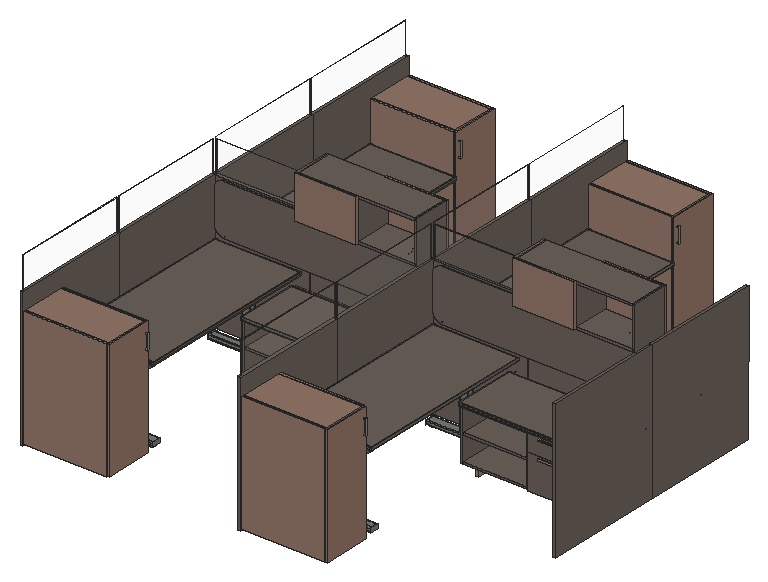
Revit family "T200208", category Furniture, Revit 2018 (continued)
Definition of nested family "STAKS BENCHING PRESS FIT BRACKET"
  Automatic sketch dimensions
    plane 10 to Extrusion 4 sketch curve = 0' - 0.02239"
    plane 7 to Extrusion 4 sketch curve = 0' - 0.35261"
    Extrusion 4 sketch curve to Extrusion 4 sketch curve = 0' - 0.05022"  (x8)
    Extrusion 4 sketch curve to Extrusion 4 sketch curve = 0' - 0.10044"  (x4)
    Extrusion 5 sketch curve to plane 10 = 0' - 0 7/64"
    Extrusion 5 sketch curve to plane 4 "BASE TOP" = 0' - 0 1/4"
    plane 7 to Extrusion 6 sketch curve = 0' - 0 17/64"
    plane 4 "BASE TOP" to Extrusion 6 sketch curve = 0' - 0 1/4"
    Extrusion 7 sketch curve to plane 10 = 0' - 0 1/8"
    Extrusion 7 sketch curve to plane 6 = 0' - 0 1/2"
    Extrusion 7 sketch curve to plane 2 "Center (Front/Back)" = 0' - 0 1/2"
    plane 4 "BASE TOP" to Extrusion 7 sketch curve = 0' - 1"
    Extrusion 8 sketch curve to plane 10 = 0' - 0 1/8"
    plane 4 "BASE TOP" to Extrusion 8 sketch curve = 0' - 1"
    Extrusion 8 sketch curve to plane 2 "Center (Front/Back)" = 0' - 0 1/2"
    Extrusion 8 sketch curve to plane 6 = 0' - 0 1/2"
    radius of Extrusion 2 sketch curve = 0' - 0 3/32"  (x8)
    radius of Extrusion 3 sketch curve = 0' - 0 3/16"  (x2)
    radius of Extrusion 4 sketch curve = 0' - 0 3/16"  (x2)
    radius of Extrusion 5 sketch curve = 0' - 0 3/32"
    radius of Extrusion 6 sketch curve = 0' - 0 3/32"
Definition of nested family "STAKS CENTER ELECTRIC ADJUSTABLE HEIGHT BASE Rectangular"
  Parameters (values of type "STAKS CENTER ELECTRIC ADJUSTABLE HEIGHT BASE 24in Rectangular")
    Width = 0' - 3"
    URL = "http://www.ofs.com/"
    Leg Caps Material = none
    Depth = 1' - 8"
    Model = "HA24CRE"
    Manufacturer = "OFS"
    Height [instance] = 2' - 3 7/8"
    Description = "OFS STAKS CENTER ELECTRIC ADJUSTABLE HEIGHT BASE 24in Rectangular, Use with 20\" - 24\"D Rectangular Top"
    Copyright © = "© 2018 OFS"
    Column and Legs Material = none
    Catalog = "https://ofs.com/products/casegoods/private-office/staks"
    Authoring Version = "Autodesk Revit Architecture 2013"
    Assembly Code = "E2020200"
  Types (2): name | Depth | Model | Description
    STAKS CENTER ELECTRIC ADJUSTABLE HEIGHT BASE 24in Rectangular | 1' - 8" | "HA24CRE" | "OFS STAKS CENTER ELECTRIC ADJUSTABLE HEIGHT BASE 24in Rectangular, Use with 20\" - 24\"D Rectangular Top"
    STAKS CENTER ELECTRIC ADJUSTABLE HEIGHT BASE 30in Rectangular | 2' - 2" | "HA30CRE" | "OFS STAKS CENTER ELECTRIC ADJUSTABLE HEIGHT BASE 30in Rectangular, Use with 24.125\" - 30\"D Rectangular Top"
  Reference planes (in)
    plane 1: z = 0
    plane 2 "Center (Front/Back)": y = -2.62465
    plane 3 "Center (Left/Right)": x = -18
    plane 4 "H LEG TOP": z = 27.875
    plane 5: x = -15
    plane 6: x = -13.5
    plane 7: y = -12.62465
    plane 8: y = 7.37535
    plane 9 "CENTER": x = -16.5
    plane 10: z = 1.955
    plane 11: z = 0.455
    plane 12: x = -17.5
    plane 13: x = -15.5
    plane 14: y = 6.12535
    plane 15: y = -11.37465
    plane 16: y = -1.12465
    plane 17: y = -4.12465
    plane 18: z = 25.34078
    plane 19: z = 25.875
    plane 20: z = 26.875
    plane 21: y = -4.49965
    plane 22: y = -0.74965
    plane 23: y = -5.99965
    plane 24: y = 0.75035
    plane 25: x = -17.63484
    plane 26: x = -19.13484
    plane 27: y = -12.49965
    plane 28: y = 7.25035
  Forms (in)
    Extrusion 1, solid
      sketch origin (8.306, -1.24965, 17.75) x (0, 0, 1) y (-1, 0, 0)
        loop
          line (-15.795, 26.306) -> (-17.295, 26.306) -> (-17.295, 23.306) -> (-15.795, 23.306) -> (-15.795, 26.306)
      from -8.625 to -8.5
    Revolve 2, solid, material <- "Leg Caps Material"
      sketch origin (-10.53974, 6.12535, 0) x (-1, 0, 0) y (0, 0, 1)
        loop
          line (5.96026, 0.455) -> (5.96026, 0) -> (6.64775, 0) -> (6.64775, 0.19198) -> (6.24151, 0.36125) -> (6.24151, 0.455) -> (5.96026, 0.455)
        axis (5.96026, 0) -> (5.96026, 0.455)
      angle from 0 to 360
    Revolve 3, solid, material <- "Leg Caps Material"
      sketch origin (-10.53974, -11.37465, 0) x (-1, 0, 0) y (0, 0, -1)
        loop
          line (5.96026, -0.455) -> (6.24151, -0.455) -> (6.24151, -0.36125) -> (6.64775, -0.19198) -> (6.64775, 0) -> (5.96026, 0) -> (5.96026, -0.455)
        axis (5.96026, 0) -> (5.96026, -0.455)
      angle from 0 to 360
    Extrusion 4, solid, material <- "Column and Legs Material"
      sketch origin (0, 0, 27.875) x (0, -1, 0) y (1, 0, 0)
        loop
          arc (1.12465, -17.25) -> (1.19787, -17.42678) -> (1.37465, -17.5) r 0.25
          line (1.37465, -17.5) -> (3.87465, -17.5)
          arc (3.87465, -17.5) -> (4.05143, -17.42678) -> (4.12465, -17.25) r 0.25
          line (4.12465, -17.25) -> (4.12465, -15.75)
          arc (4.12465, -15.75) -> (4.05143, -15.57322) -> (3.87465, -15.5) r 0.25
          line (3.87465, -15.5) -> (1.37465, -15.5)
          arc (1.37465, -15.5) -> (1.19787, -15.57322) -> (1.12465, -15.75) r 0.25
          line (1.12465, -15.75) -> (1.12465, -17.25)
      from -25.92 to -2.53422
    Extrusion 5, solid, material <- "Column and Legs Material"
      sketch origin (19.74279, 0.10259, 27.875) x (0, -1, 0) y (1, 0, 0)
        loop
          line (0.85224, -30.69457) -> (0.85224, -37.12762)
          arc (0.85224, -37.12762) -> (0.92547, -37.3044) -> (1.10224, -37.37762) r 0.25
          line (1.10224, -37.37762) -> (4.35224, -37.37762)
          arc (4.35224, -37.37762) -> (4.52902, -37.3044) -> (4.60224, -37.12762) r 0.25
          line (4.60224, -37.12762) -> (4.60224, -30.69457)
          arc (4.60224, -30.69457) -> (4.52902, -30.5178) -> (4.35224, -30.44457) r 0.25
          line (4.35224, -30.44457) -> (1.10224, -30.44457)
          arc (1.10224, -30.44457) -> (0.92547, -30.5178) -> (0.85224, -30.69457) r 0.25
      from -1 to 0
    Blend 6, solid, material <- "Column and Legs Material"
      base sketch origin (0, 0, 27.875) x (0, -1, 0) y (1, 0, 0)
        loop
          line (4.24965, -10.70179) -> (0.99965, -10.70179)
          arc (0.99965, -10.70179) -> (0.82287, -10.77501) -> (0.74965, -10.95179) r 0.25
          line (0.74965, -10.95179) -> (0.74965, -17.38484)
          arc (0.74965, -17.38484) -> (0.82287, -17.56161) -> (0.99965, -17.63484) r 0.25
          line (0.99965, -17.63484) -> (4.24965, -17.63484)
          arc (4.24965, -17.63484) -> (4.42643, -17.56161) -> (4.49965, -17.38484) r 0.25
          line (4.49965, -17.38484) -> (4.49965, -10.95179)
          arc (4.49965, -10.95179) -> (4.42643, -10.77501) -> (4.24965, -10.70179) r 0.25
      top sketch origin (0, 0, 27.875) x (0, -1, 0) y (1, 0, 0)
        loop
          arc (4.12465, -11.45179) -> (4.05143, -11.27501) -> (3.87465, -11.20179) r 0.25
          line (3.87465, -11.20179) -> (1.37465, -11.20179)
          arc (1.37465, -11.20179) -> (1.19787, -11.27501) -> (1.12465, -11.45179) r 0.25
          line (1.12465, -11.45179) -> (1.12465, -17.25)
          arc (1.12465, -17.25) -> (1.19787, -17.42678) -> (1.37465, -17.5) r 0.25
          line (1.37465, -17.5) -> (3.87465, -17.5)
          arc (3.87465, -17.5) -> (4.05143, -17.42678) -> (4.12465, -17.25) r 0.25
          line (4.12465, -17.25) -> (4.12465, -11.45179)
      from -1 to -2
    Extrusion 7, solid, material <- "Column and Legs Material"
      sketch origin (0, 0, 27.875) x (0, -1, 0) y (1, 0, 0)
        loop
          line (3.87465, -15.625) -> (1.37465, -15.625)
          arc (1.37465, -15.625) -> (1.28626, -15.66161) -> (1.24965, -15.75) r 0.125
          line (1.24965, -15.75) -> (1.24965, -17.25)
          arc (1.24965, -17.25) -> (1.28626, -17.33839) -> (1.37465, -17.375) r 0.125
          line (1.37465, -17.375) -> (3.87465, -17.375)
          arc (3.87465, -17.375) -> (3.96304, -17.33839) -> (3.99965, -17.25) r 0.125
          line (3.99965, -17.25) -> (3.99965, -15.75)
          arc (3.99965, -15.75) -> (3.96304, -15.66161) -> (3.87465, -15.625) r 0.125
      from -2.53422 to -2
    Extrusion 8, solid, material <- "Column and Legs Material"
      sketch origin (0, -2.62465, 0) x (1, 0, 0) y (0, 0, 1)
        loop
          line (-17.63484, 27.875) -> (-19.13484, 27.875) -> (-19.13484, 27.75) -> (-17.75984, 27.75) -> (-17.75984, 26.375) -> (-17.63484, 26.375) -> (-17.63484, 27.875)
      from -1.5 to 1.5
    Extrusion 9, solid, material <- "Column and Legs Material"
      sketch origin (-15.75984, 13.13518, 0) x (0, 1, 0) y (0, 0, -1)
        loop
          line (-17.63484, -27.875) -> (-17.63484, -26.375) -> (-17.75984, -26.375) -> (-17.75984, -27.75) -> (-19.13484, -27.75) -> (-19.13484, -27.875) -> (-17.63484, -27.875)
      from -4.55805 to 1.74016
    Extrusion 10, solid, material <- "Column and Legs Material"
      sketch origin (-15.75984, -18.38449, 0) x (0, -1, 0) y (0, 0, 1)
        loop
          line (-17.63484, 27.875) -> (-19.13484, 27.875) -> (-19.13484, 27.75) -> (-17.75984, 27.75) -> (-17.75984, 26.375) -> (-17.63484, 26.375) -> (-17.63484, 27.875)
      from -4.55805 to 1.74016
    Extrusion 11, solid
      sketch origin (8.306, -1.24965, 17.75) x (0, 0, 1) y (-1, 0, 0)
        loop
          line (-15.795, 26.306) -> (-17.295, 26.306) -> (-17.295, 23.306) -> (-15.795, 23.306) -> (-15.795, 26.306)
      from 11.25 to 11.375
    Extrusion 12, solid
      sketch origin (8.306, -1.24965, 17.75) x (0, 0, 1) y (-1, 0, 0)
        loop
          line (-16.045, 26.306) -> (-17.045, 26.306)
          arc (-17.045, 26.306) -> (-17.22178, 26.23278) -> (-17.295, 26.056) r 0.25
          line (-17.295, 26.056) -> (-17.295, 23.556)
          arc (-17.295, 23.556) -> (-17.22178, 23.37922) -> (-17.045, 23.306) r 0.25
          line (-17.045, 23.306) -> (-16.045, 23.306)
          arc (-16.045, 23.306) -> (-15.86822, 23.37922) -> (-15.795, 23.556) r 0.25
          line (-15.795, 23.556) -> (-15.795, 26.056)
          arc (-15.795, 26.056) -> (-15.86822, 26.23278) -> (-16.045, 26.306) r 0.25
      from -8.5 to 11.25
  Dimensions and locks (in)
    equal spacing: plane 7, plane 2 "Center (Front/Back)", plane 8
    "Depth": plane 7 to plane 8
    "Height": plane 4 "H LEG TOP" to plane 1
    equal spacing: plane 3 "Center (Left/Right)", plane 9 "CENTER", plane 5
    "Width": plane 3 "Center (Left/Right)" to plane 5
    plane 10 to plane 11 to plane 1 = 0' - 1 1/2" locked, 0' - 0.455" locked
    locked: plane 13 to plane 5 at 0.5
    locked: plane 3 "Center (Left/Right)" to plane 12 at 0.5
    locked: plane 14 to plane 8 at 1.25
    locked: plane 15 to plane 7 at 1.25
    plane 23 to plane 21 to plane 17 to plane 2 "Center (Front/Back)" to plane 16 to plane 22 to plane 24 = 0' - 1 1/2" locked, 0' - 0 3/8" locked, 0' - 1 1/2" locked, 0' - 1 1/2" locked, 0' - 0 3/8" locked, 0' - 1 1/2" locked
    locked: plane 18 to plane 10 at 23.38578
    locked: plane 4 "H LEG TOP" to plane 20 at 1
    locked: plane 20 to plane 19 at 1
    plane 26 to plane 25 to plane 12 = 0' - 1 1/2" locked, 0' - 0.13484" locked
    locked: plane 7 to plane 27 at 0.125
    locked: plane 8 to plane 28 at 0.125
    aligned and locked: level to plane 1
    aligned and locked: plane 5 to Extrusion 1
    aligned and locked: Extrusion 1 to plane 3 "Center (Left/Right)"
    aligned and locked: Extrusion 1 to plane 11
    aligned and locked: plane 10 to Extrusion 1
    aligned and locked: Extrusion 4 sketch curve to plane 16
    aligned and locked: Extrusion 4 sketch curve to plane 12
    aligned and locked: Extrusion 4 sketch curve to plane 17
    aligned and locked: plane 13 to Extrusion 4 sketch curve
    aligned and locked: Extrusion 4 to plane 10
    aligned and locked: plane 18 to Extrusion 4
    aligned and locked: plane 14 to Revolve 2
    aligned and locked: plane 15 to Revolve 3
    aligned and locked: Extrusion 5 to plane 22
    aligned and locked: Extrusion 5 to plane 21
    aligned and locked: Extrusion 5 to plane 20
    aligned and locked: Extrusion 5 to plane 4 "H LEG TOP"
    aligned and locked: plane 17 to Blend 6 sketch curve
    aligned and locked: plane 16 to Blend 6 sketch curve
    aligned and locked: plane 20 to Blend 6
    aligned and locked: Blend 6 to plane 19
    aligned and locked: Extrusion 7 to plane 18
    aligned and locked: plane 19 to Extrusion 7
    aligned and locked: Extrusion 8 sketch curve to plane 4 "H LEG TOP"
    aligned and locked: Extrusion 8 sketch curve to plane 25
    aligned and locked: Extrusion 8 sketch curve to plane 26
    aligned and locked: Extrusion 8 sketch curve to Extrusion 8 sketch curve
    aligned and locked: Extrusion 8 to plane 16
    aligned and locked: Extrusion 8 to plane 17
    aligned and locked: Extrusion 9 sketch curve to Extrusion 9 sketch curve
    aligned and locked: Extrusion 9 to plane 12
    aligned and locked: Extrusion 10 sketch curve to Extrusion 10 sketch curve
    aligned and locked: plane 10 to Extrusion 12
    aligned and locked: plane 10 to Extrusion 11
    aligned and locked: plane 5 to Extrusion 12
    aligned and locked: plane 5 to Extrusion 11
    aligned and locked: Extrusion 12 to plane 11
    aligned and locked: Extrusion 11 to plane 11
    aligned and locked: Extrusion 12 to plane 3 "Center (Left/Right)"
    aligned and locked: Extrusion 11 to plane 3 "Center (Left/Right)"
    aligned and locked: plane 7 to Extrusion 11
    aligned and locked: Extrusion 11 to plane 27
    aligned and locked: plane 27 to Extrusion 12
    aligned and locked: Extrusion 1 to plane 28
    aligned and locked: Extrusion 1 to plane 8
    aligned and locked: plane 28 to Extrusion 12
  Automatic sketch dimensions
    Extrusion 1 sketch curve to plane 3 "Center (Left/Right)" = 0' - 0"
    Extrusion 1 sketch curve to plane 11 = 0' - 0"
    Extrusion 1 sketch curve to plane 5 = 0' - 0"
    Extrusion 1 sketch curve to plane 10 = 0' - 0"
    Revolve 2 sketch curve to level = 0' - 0"
    Revolve 2 sketch curve to plane 9 "CENTER" = 0' - 0"  (x2)
    Revolve 2 sketch curve to plane 11 = 0' - 0"
    level to Revolve 2 sketch curve = 0' - 0.19198"
    Revolve 2 sketch curve to Revolve 2 sketch curve = 0' - 0 9/32"
    plane 12 to Revolve 2 sketch curve = 0' - 0 5/16"
    Revolve 2 sketch curve to Revolve 2 sketch curve = 0' - 0 3/32"
    Revolve 2 sketch curve to Revolve 2 sketch curve = 0' - 0.19198"
    Revolve 2 sketch curve to Revolve 2 sketch curve = 0' - 0.09555"
    Revolve 3 sketch curve to level = 0' - 0"
    Revolve 3 sketch curve to plane 9 "CENTER" = 0' - 0"  (x2)
    Revolve 3 sketch curve to plane 11 = 0' - 0"
    Revolve 3 sketch curve to plane 11 = 0' - 0 3/32"
    Revolve 3 sketch curve to Revolve 3 sketch curve = 0' - 0 9/32"
    plane 12 to Revolve 3 sketch curve = 0' - 0 5/16"
    Revolve 3 sketch curve to Revolve 3 sketch curve = 0' - 0.19198"
    Revolve 3 sketch curve to plane 11 = 0' - 0.16748"
    Revolve 3 sketch curve to Revolve 3 sketch curve = 0' - 0.09555"
    plane 16 to Extrusion 4 sketch curve = 0' - 0 1/4"  (x2)
    plane 12 to Extrusion 4 sketch curve = 0' - 0 1/4"
    plane 17 to Extrusion 4 sketch curve = 0' - 0 1/4"
    plane 22 to Extrusion 5 sketch curve = 0' - 0"
    Extrusion 5 sketch curve to plane 25 = 0' - 0"
    Extrusion 5 sketch curve to plane 21 = 0' - 0"
    plane 12 to Extrusion 5 sketch curve = 0' - 0.11516"
    Extrusion 5 sketch curve to plane 16 = 0' - 0 1/8"  (x2)
    Extrusion 5 sketch curve to plane 17 = 0' - 0 1/8"
    plane 6 to Extrusion 5 sketch curve = 0' - 2.54821"
    plane 22 to Blend 6 sketch curve = 0' - 0"
    Blend 6 sketch curve to plane 25 = 0' - 0"
    Blend 6 sketch curve to plane 21 = 0' - 0"
    plane 12 to Blend 6 sketch curve = 0' - 0.11516"
    Blend 6 sketch curve to plane 16 = 0' - 0 1/8"  (x2)
    Blend 6 sketch curve to plane 17 = 0' - 0 1/8"
    plane 6 to Blend 6 sketch curve = 0' - 2.54821"
    Blend 6 sketch curve to plane 12 = 0' - 0"
    plane 16 to Blend 6 sketch curve = 0' - 0 1/4"  (x2)
    plane 12 to Blend 6 sketch curve = 0' - 0 1/4"
    plane 17 to Blend 6 sketch curve = 0' - 0 1/4"
    plane 6 to Blend 6 sketch curve = 0' - 2.04821"
    plane 16 to Extrusion 7 sketch curve = 0' - 0 1/8"
    plane 12 to Extrusion 7 sketch curve = 0' - 0 1/8"
    Extrusion 7 sketch curve to Extrusion 7 sketch curve = 0' - 0 1/8"  (x2)
    Extrusion 7 sketch curve to plane 13 = 0' - 0 1/8"
    plane 17 to Extrusion 7 sketch curve = 0' - 0 1/4"  (x2)
    plane 17 to Extrusion 7 sketch curve = 0' - 0 1/8"
    Extrusion 8 sketch curve to plane 25 = 0' - 0 1/8"
    plane 19 to Extrusion 8 sketch curve = 0' - 0 1/2"
    plane 4 "H LEG TOP" to Extrusion 8 sketch curve = 0' - 0 1/8"
    plane 4 "H LEG TOP" to Extrusion 9 sketch curve = 0' - 0"
    Extrusion 9 sketch curve to plane 23 = 0' - 0"
    Extrusion 9 sketch curve to plane 21 = 0' - 0"
    plane 4 "H LEG TOP" to Extrusion 9 sketch curve = 0' - 0 1/8"
    Extrusion 9 sketch curve to plane 21 = 0' - 0 1/8"
    plane 19 to Extrusion 9 sketch curve = 0' - 0 1/2"
    plane 4 "H LEG TOP" to Extrusion 10 sketch curve = 0' - 0"
    Extrusion 10 sketch curve to plane 24 = 0' - 0"
    Extrusion 10 sketch curve to plane 22 = 0' - 0"
    plane 19 to Extrusion 10 sketch curve = 0' - 0 1/2"
    Extrusion 10 sketch curve to plane 22 = 0' - 0 1/8"
    plane 4 "H LEG TOP" to Extrusion 10 sketch curve = 0' - 0 1/8"
    Extrusion 11 sketch curve to plane 3 "Center (Left/Right)" = 0' - 0"
    Extrusion 11 sketch curve to plane 11 = 0' - 0"
    Extrusion 11 sketch curve to plane 5 = 0' - 0"
    Extrusion 11 sketch curve to plane 10 = 0' - 0"
    Extrusion 12 sketch curve to plane 11 = 0' - 0"
    Extrusion 12 sketch curve to plane 3 "Center (Left/Right)" = 0' - 0"
    Extrusion 12 sketch curve to plane 5 = 0' - 0"
    Extrusion 12 sketch curve to plane 10 = 0' - 0"
    Extrusion 12 sketch curve to plane 5 = 0' - 0 1/4"
    plane 11 to Extrusion 12 sketch curve = 0' - 0 1/4"
    Extrusion 12 sketch curve to plane 10 = 0' - 0 1/4"  (x2)
Definition of nested family "STAKS CORNER SHELF FOR WALL PANEL"
  Parameters (values of type "STAKS CORNER SHELF FOR WALL PANEL")
    Width = 1' - 9"
    Veneer Material = none
    URL = "http://www.ofs.com/"
    Height Above Floor [instance] = 2' - 5"
    Height = 0' - 0 3/4"
    Edge Material = none
    Model = "6-2108SHLF"
    Manufacturer = "OFS"
    Description = "OFS STAKS CORNER SHELF FOR WALL PANEL"
    Depth = 0' - 8"
    Copyright © = "© 2018 OFS"
    Catalog = "https://ofs.com/products/casegoods/private-office/staks"
    Authoring Version = "Autodesk Revit Architecture 2013"
    Assembly Code = "E2020200"
    3D Laminate Material = none
  Reference planes (in)
    plane 1 "Center (Front/Back)": y = 0
    plane 2: z = 0
    plane 3 "Center (Left/Right)": x = 0
    plane 4: x = 10.5
    plane 5: x = -10.5
    plane 6: y = 4
    plane 7: y = -4
    plane 8: z = 28.25
    plane 9: z = 29
  Forms (in)
    Extrusion 1, solid, material <- "3D Laminate Material"
      sketch origin (3.56329, 81.33771, 7) x (-1, 0, 0) y (0, -1, 0)
        loop
          line (14.06329, 85.33771) -> (-6.93671, 85.33771) -> (1.06329, 77.33771) -> (6.06329, 77.33771) -> (14.06329, 85.33771)
      from 22 to 21.25
  Dimensions and locks (in)
    equal spacing: plane 5, plane 3 "Center (Left/Right)", plane 4
    "Width": plane 5 to plane 4
    "Depth": plane 6 to plane 7
    equal spacing: plane 7, plane 1 "Center (Front/Back)", plane 6
    "Height": plane 9 to plane 8
    "Height Above Floor": plane 9 to level
    aligned and locked: level to plane 2
    aligned and locked: plane 9 to Extrusion 1
    aligned and locked: Extrusion 1 to plane 8
    aligned and locked: plane 4 to Extrusion 1 sketch curve
    aligned and locked: Extrusion 1 sketch curve to plane 6
  Automatic sketch dimensions
    plane 7 to Extrusion 1 sketch curve = 0' - 0"
    plane 3 "Center (Left/Right)" to Extrusion 1 sketch curve = 0' - 2 1/2"
    Extrusion 1 sketch curve to plane 3 "Center (Left/Right)" = 0' - 2 1/2"
    Extrusion 1 sketch curve to plane 5 = 0' - 0"
Definition of nested family "STAKS FABRIC TACKBOARD WITH ROUNDED CORNERS FOR SPINE OR DIVIDER WALL"
  Parameters (values of type "STAKS FABRIC TACKBOARD WITH ROUNDED CORNERS FOR SPINE OR DIVIDER WALL 12H x 27-48.9375W")
    URL = "http://www.ofs.com/"
    Height Above Floor [instance] = 3' - 5 1/2"
    Height = 1' - 0"
    Depth = 0' - 0 1/2"
    Model = "FTR10D"
    Manufacturer = "OFS"
    Description = "OFS STAKS FABRIC TACKBOARD WITH ROUNDED CORNERS FOR SPINE OR DIVIDER WALL 12\" Height X 27\" - 48.9375\" Width, Any Width in 1/8\" Increments available within Ranges Shown"
    Width = 2' - 3"
    Copyright © = "© 2018 OFS"
    Catalog = "https://ofs.com/products/casegoods/private-office/staks"
    Authoring Version = "Autodesk Revit Architecture 2013"
    Assembly Code = "E2020200"
  Types (6): name | Height Above Floor | Height | Model | Description | Width
    STAKS FABRIC TACKBOARD WITH ROUNDED CORNERS FOR SPINE OR DIVIDER WALL 12H x 27-48.9375W | 3' - 5 1/2" | 1' - 0" | "FTR10D" | "OFS STAKS FABRIC TACKBOARD WITH ROUNDED CORNERS FOR SPINE OR DIVIDER WALL 12\" Height X 27\" - 48.9375\" Width, Any Width in 1/8\" Increments available within Ranges Shown" | 2' - 3"
    STAKS FABRIC TACKBOARD WITH ROUNDED CORNERS FOR SPINE OR DIVIDER WALL 12H x 74-96W | 3' - 5 1/2" | 1' - 0" | "FTR10F" | "OFS STAKS FABRIC TACKBOARD WITH ROUNDED CORNERS FOR SPINE OR DIVIDER WALL 12\" Height X 74\" - 96\" Width, Any Width in 1/8\" Increments available within Ranges Shown" | 6' - 2"
    STAKS FABRIC TACKBOARD WITH ROUNDED CORNERS FOR SPINE OR DIVIDER WALL 12H x 49-73.9375W | 3' - 5 1/2" | 1' - 0" | "FTR10E" | "OFS STAKS FABRIC TACKBOARD WITH ROUNDED CORNERS FOR SPINE OR DIVIDER WALL 12\" Height X 49\" - 73.9375\" Width, Any Width in 1/8\" Increments available within Ranges Shown" | 4' - 1"
    STAKS FABRIC TACKBOARD WITH ROUNDED CORNERS FOR SPINE OR DIVIDER WALL 18H x 27-48.9375W | 3' - 11 1/2" | 1' - 6" | "FTR10A" | "OFS STAKS FABRIC TACKBOARD WITH ROUNDED CORNERS FOR SPINE OR DIVIDER WALL 18\" Height X 27\" - 48.9375\" Width, Any Width in 1/8\" Increments available within Ranges Shown" | 2' - 3"
    STAKS FABRIC TACKBOARD WITH ROUNDED CORNERS FOR SPINE OR DIVIDER WALL 18H x 49-73.9375W | 3' - 11 1/2" | 1' - 6" | "FTR10B" | "OFS STAKS FABRIC TACKBOARD WITH ROUNDED CORNERS FOR SPINE OR DIVIDER WALL 18\" Height X 49\" - 73.9375\" Width, Any Width in 1/8\" Increments available within Ranges Shown" | 4' - 1"
    STAKS FABRIC TACKBOARD WITH ROUNDED CORNERS FOR SPINE OR DIVIDER WALL 18H x 74-96W | 3' - 11 1/2" | 1' - 6" | "FTR10C" | "OFS STAKS FABRIC TACKBOARD WITH ROUNDED CORNERS FOR SPINE OR DIVIDER WALL 18\" Height X 74\" - 96\" Width, Any Width in 1/8\" Increments available within Ranges Shown" | 6' - 2"
  Reference planes (in)
    plane 1: z = -0.125
    plane 2 "LEFT": x = 7.55498
    plane 3 "RIGHT": x = 34.55498
    plane 4 "BACK": y = -1.83365
    plane 5 "FRONT": y = -2.33365
    plane 6: x = 7.67998
    plane 7: x = 34.42998
    plane 8: y = -1.95865
    plane 9: y = -2.20865
    plane 10: z = 29.375
    plane 11 "SURFACE TOP": z = 41.375
  Forms (in)
    Extrusion 1, solid
      sketch origin (0, 0.50035, 0) x (1, 0, 0) y (0, 0, 1)
        loop
          arc (30.55498, 29.375) -> (33.38341, 30.54657) -> (34.55498, 33.375) r 4
          line (34.55498, 33.375) -> (34.55498, 37.375)
          arc (34.55498, 37.375) -> (33.38341, 40.20343) -> (30.55498, 41.375) r 4
          line (30.55498, 41.375) -> (11.55498, 41.375)
          arc (11.55498, 41.375) -> (8.72655, 40.20343) -> (7.55498, 37.375) r 4
          line (7.55498, 37.375) -> (7.55498, 33.375)
          arc (7.55498, 33.375) -> (8.72655, 30.54657) -> (11.55498, 29.375) r 4
          line (11.55498, 29.375) -> (30.55498, 29.375)
      from 2.834 to 2.334
  Dimensions and locks (in)
    "Depth": plane 4 "BACK" to plane 5 "FRONT"
    "Width": plane 2 "LEFT" to plane 3 "RIGHT"
    "Height": plane 11 "SURFACE TOP" to plane 10
    locked: plane 4 "BACK" to plane 8 at 0.125
    locked: plane 2 "LEFT" to plane 6 at 0.125
    locked: plane 7 to plane 3 "RIGHT" at 0.125
    locked: plane 9 to plane 5 "FRONT" at 0.125
    "Height Above Floor": plane 11 "SURFACE TOP" to level
    aligned: level to plane 1
    aligned and locked: plane 10 to Extrusion 1 sketch curve
    aligned and locked: Extrusion 1 sketch curve to plane 3 "RIGHT"
    aligned and locked: Extrusion 1 sketch curve to plane 11 "SURFACE TOP"
    aligned and locked: plane 2 "LEFT" to Extrusion 1 sketch curve
    aligned and locked: Extrusion 1 to plane 5 "FRONT"
    aligned and locked: plane 4 "BACK" to Extrusion 1
  Automatic sketch dimensions
    plane 10 to Extrusion 1 sketch curve = 0' - 4"
    plane 6 to Extrusion 1 sketch curve = 0' - 3 7/8"  (x2)
    Extrusion 1 sketch curve to plane 7 = 0' - 3 7/8"
Definition of nested family "STAKS FROSTED ACRYLIC PRIVACY PANEL"
  Parameters (values of type "STAKS FROSTED ACRYLIC PRIVACY PANEL 23 x 10")
    Width = 1' - 11"
    URL = "http://www.ofs.com/"
    Model = "6-PVPA-23/10"
    Manufacturer = "OFS"
    Height From Floor = 4' - 8"
    Height = 0' - 10"
    Description = "OFS STAKS FROSTED ACRYLIC PRIVACY PANEL 23 x 10, Recessed 1.5\" Inside Wall Panel"
    Depth = 0' - 0 1/4"
    Copyright © = "© 2018 OFS"
    Catalog = "https://ofs.com/products/casegoods/private-office/staks"
    Shelf Material = none
    Authoring Version = "Autodesk Revit Architecture 2013"
    Assembly Code = "E2020200"
  Types (38): name | Width | Model | Height From Floor | Height | Description
    STAKS FROSTED ACRYLIC PRIVACY PANEL 23 x 10 | 1' - 11" | "6-PVPA-23/10" | 4' - 8" | 0' - 10" | "OFS STAKS FROSTED ACRYLIC PRIVACY PANEL 23 x 10, Recessed 1.5\" Inside Wall Panel"
    STAKS FROSTED ACRYLIC PRIVACY PANEL 25 x 10 | 2' - 1" | "6-PVPA-25/10" | 4' - 8" | 0' - 10" | "OFS STAKS FROSTED ACRYLIC PRIVACY PANEL 25 x 10, Recessed 1.5\" Inside Wall Panel"
    STAKS FROSTED ACRYLIC PRIVACY PANEL 29 x 10 | 2' - 5" | "6-PVPA-29/10" | 4' - 8" | 0' - 10" | "OFS STAKS FROSTED ACRYLIC PRIVACY PANEL 29 x 10, Recessed 1.5\" Inside Wall Panel"
    STAKS FROSTED ACRYLIC PRIVACY PANEL 32 x 10 | 2' - 8" | "6-PVPA-32/10" | 4' - 8" | 0' - 10" | "OFS STAKS FROSTED ACRYLIC PRIVACY PANEL 32 x 10, Recessed 1.5\" Inside Wall Panel"
    STAKS FROSTED ACRYLIC PRIVACY PANEL 35 x 10 | 2' - 11" | "6-PVPA-35/10" | 4' - 8" | 0' - 10" | "OFS STAKS FROSTED ACRYLIC PRIVACY PANEL 35 x 10, Recessed 1.5\" Inside Wall Panel"
    STAKS FROSTED ACRYLIC PRIVACY PANEL 36 x 10 | 3' - 0" | "6-PVPA-36/10" | 4' - 8" | 0' - 10" | "OFS STAKS FROSTED ACRYLIC PRIVACY PANEL 36 x 10, Recessed 1.5\" Inside Wall Panel"
    STAKS FROSTED ACRYLIC PRIVACY PANEL 38 x 10 | 3' - 2" | "6-PVPA-38/10" | 4' - 8" | 0' - 10" | "OFS STAKS FROSTED ACRYLIC PRIVACY PANEL 38 x 10, Recessed 1.5\" Inside Wall Panel"
    STAKS FROSTED ACRYLIC PRIVACY PANEL 39 x 10 | 3' - 3" | "6-PVPA-39/10" | 4' - 8" | 0' - 10" | "OFS STAKS FROSTED ACRYLIC PRIVACY PANEL 39 x 10, Recessed 1.5\" Inside Wall Panel"
    STAKS FROSTED ACRYLIC PRIVACY PANEL 41 x 10 | 3' - 5" | "6-PVPA-41/10" | 4' - 8" | 0' - 10" | "OFS STAKS FROSTED ACRYLIC PRIVACY PANEL 41 x 10, Recessed 1.5\" Inside Wall Panel"
    STAKS FROSTED ACRYLIC PRIVACY PANEL 43 x 10 | 3' - 7" | "6-PVPA-43/10" | 4' - 8" | 0' - 10" | "OFS STAKS FROSTED ACRYLIC PRIVACY PANEL 43 x 10, Recessed 1.5\" Inside Wall Panel"
    STAKS FROSTED ACRYLIC PRIVACY PANEL 44 x 10 | 3' - 8" | "6-PVPA-44/10" | 4' - 8" | 0' - 10" | "OFS STAKS FROSTED ACRYLIC PRIVACY PANEL 44 x 10, Recessed 1.5\" Inside Wall Panel"
    STAKS FROSTED ACRYLIC PRIVACY PANEL 46 x 10 | 3' - 10" | "6-PVPA-46/10" | 4' - 8" | 0' - 10" | "OFS STAKS FROSTED ACRYLIC PRIVACY PANEL 46 x 10, Recessed 1.5\" Inside Wall Panel"
    STAKS FROSTED ACRYLIC PRIVACY PANEL 47 x 10 | 3' - 11" | "6-PVPA-47/10" | 4' - 8" | 0' - 10" | "OFS STAKS FROSTED ACRYLIC PRIVACY PANEL 47 x 10, Recessed 1.5\" Inside Wall Panel"
    STAKS FROSTED ACRYLIC PRIVACY PANEL 48 x 10 | 4' - 0" | "6-PVPA-48/10" | 4' - 8" | 0' - 10" | "OFS STAKS FROSTED ACRYLIC PRIVACY PANEL 48 x 10, Recessed 1.5\" Inside Wall Panel"
    STAKS FROSTED ACRYLIC PRIVACY PANEL 51 x 10 | 4' - 3" | "6-PVPA-51/10" | 4' - 8" | 0' - 10" | "OFS STAKS FROSTED ACRYLIC PRIVACY PANEL 51 x 10, Recessed 1.5\" Inside Wall Panel"
    STAKS FROSTED ACRYLIC PRIVACY PANEL 53 x 10 | 4' - 5" | "6-PVPA-53/10" | 4' - 8" | 0' - 10" | "OFS STAKS FROSTED ACRYLIC PRIVACY PANEL 53 x 10, Recessed 1.5\" Inside Wall Panel"
    STAKS FROSTED ACRYLIC PRIVACY PANEL 55 x 10 | 4' - 7" | "6-PVPA-55/10" | 4' - 8" | 0' - 10" | "OFS STAKS FROSTED ACRYLIC PRIVACY PANEL 55 x 10, Recessed 1.5\" Inside Wall Panel"
    STAKS FROSTED ACRYLIC PRIVACY PANEL 57 x 10 | 4' - 9" | "6-PVPA-57/10" | 4' - 8" | 0' - 10" | "OFS STAKS FROSTED ACRYLIC PRIVACY PANEL 57 x 10, Recessed 1.5\" Inside Wall Panel"
    STAKS FROSTED ACRYLIC PRIVACY PANEL 58 x 10 | 4' - 10" | "6-PVPA-58/10" | 4' - 8" | 0' - 10" | "OFS STAKS FROSTED ACRYLIC PRIVACY PANEL 58 x 10, Recessed 1.5\" Inside Wall Panel"
    STAKS FROSTED ACRYLIC PRIVACY PANEL 23 x 13 | 1' - 11" | "6-PVPA-23/13" | 4' - 11" | 1' - 1" | "OFS STAKS FROSTED ACRYLIC PRIVACY PANEL 23 x 13, Recessed 1.5\" Inside Wall Panel"
    STAKS FROSTED ACRYLIC PRIVACY PANEL 25 x 13 | 2' - 1" | "6-PVPA-25/13" | 4' - 11" | 1' - 1" | "OFS STAKS FROSTED ACRYLIC PRIVACY PANEL 25 x 13, Recessed 1.5\" Inside Wall Panel"
    STAKS FROSTED ACRYLIC PRIVACY PANEL 29 x 13 | 2' - 5" | "6-PVPA-29/13" | 4' - 11" | 1' - 1" | "OFS STAKS FROSTED ACRYLIC PRIVACY PANEL 29 x 13, Recessed 1.5\" Inside Wall Panel"
    STAKS FROSTED ACRYLIC PRIVACY PANEL 32 x 13 | 2' - 8" | "6-PVPA-32/13" | 4' - 11" | 1' - 1" | "OFS STAKS FROSTED ACRYLIC PRIVACY PANEL 32 x 13, Recessed 1.5\" Inside Wall Panel"
    STAKS FROSTED ACRYLIC PRIVACY PANEL 35 x 13 | 2' - 11" | "6-PVPA-35/13" | 4' - 11" | 1' - 1" | "OFS STAKS FROSTED ACRYLIC PRIVACY PANEL 35 x 13, Recessed 1.5\" Inside Wall Panel"
    STAKS FROSTED ACRYLIC PRIVACY PANEL 36 x 13 | 3' - 0" | "6-PVPA-36/13" | 4' - 11" | 1' - 1" | "OFS STAKS FROSTED ACRYLIC PRIVACY PANEL 36 x 13, Recessed 1.5\" Inside Wall Panel"
    STAKS FROSTED ACRYLIC PRIVACY PANEL 38 x 13 | 3' - 2" | "6-PVPA-38/13" | 4' - 11" | 1' - 1" | "OFS STAKS FROSTED ACRYLIC PRIVACY PANEL 38 x 13, Recessed 1.5\" Inside Wall Panel"
    STAKS FROSTED ACRYLIC PRIVACY PANEL 39 x 13 | 3' - 3" | "6-PVPA-39/13" | 4' - 11" | 1' - 1" | "OFS STAKS FROSTED ACRYLIC PRIVACY PANEL 39 x 13, Recessed 1.5\" Inside Wall Panel"
    STAKS FROSTED ACRYLIC PRIVACY PANEL 41 x 13 | 3' - 5" | "6-PVPA-41/13" | 4' - 11" | 1' - 1" | "OFS STAKS FROSTED ACRYLIC PRIVACY PANEL 41 x 13, Recessed 1.5\" Inside Wall Panel"
    STAKS FROSTED ACRYLIC PRIVACY PANEL 43 x 13 | 3' - 7" | "6-PVPA-43/13" | 4' - 11" | 1' - 1" | "OFS STAKS FROSTED ACRYLIC PRIVACY PANEL 43 x 13, Recessed 1.5\" Inside Wall Panel"
    STAKS FROSTED ACRYLIC PRIVACY PANEL 44 x 13 | 3' - 8" | "6-PVPA-44/13" | 4' - 11" | 1' - 1" | "OFS STAKS FROSTED ACRYLIC PRIVACY PANEL 44 x 13, Recessed 1.5\" Inside Wall Panel"
    STAKS FROSTED ACRYLIC PRIVACY PANEL 46 x 13 | 3' - 10" | "6-PVPA-46/13" | 4' - 11" | 1' - 1" | "OFS STAKS FROSTED ACRYLIC PRIVACY PANEL 46 x 13, Recessed 1.5\" Inside Wall Panel"
    STAKS FROSTED ACRYLIC PRIVACY PANEL 47 x 13 | 3' - 11" | "6-PVPA-47/13" | 4' - 11" | 1' - 1" | "OFS STAKS FROSTED ACRYLIC PRIVACY PANEL 47 x 13, Recessed 1.5\" Inside Wall Panel"
    STAKS FROSTED ACRYLIC PRIVACY PANEL 48 x 13 | 4' - 0" | "6-PVPA-48/13" | 4' - 11" | 1' - 1" | "OFS STAKS FROSTED ACRYLIC PRIVACY PANEL 48 x 13, Recessed 1.5\" Inside Wall Panel"
    STAKS FROSTED ACRYLIC PRIVACY PANEL 51 x 13 | 4' - 3" | "6-PVPA-51/13" | 4' - 11" | 1' - 1" | "OFS STAKS FROSTED ACRYLIC PRIVACY PANEL 51 x 13, Recessed 1.5\" Inside Wall Panel"
    STAKS FROSTED ACRYLIC PRIVACY PANEL 53 x 13 | 4' - 5" | "6-PVPA-53/13" | 4' - 11" | 1' - 1" | "OFS STAKS FROSTED ACRYLIC PRIVACY PANEL 53 x 13, Recessed 1.5\" Inside Wall Panel"
    STAKS FROSTED ACRYLIC PRIVACY PANEL 55 x 13 | 4' - 7" | "6-PVPA-55/13" | 4' - 11" | 1' - 1" | "OFS STAKS FROSTED ACRYLIC PRIVACY PANEL 55 x 13, Recessed 1.5\" Inside Wall Panel"
    STAKS FROSTED ACRYLIC PRIVACY PANEL 57 x 13 | 4' - 9" | "6-PVPA-57/13" | 4' - 11" | 1' - 1" | "OFS STAKS FROSTED ACRYLIC PRIVACY PANEL 57 x 13, Recessed 1.5\" Inside Wall Panel"
    STAKS FROSTED ACRYLIC PRIVACY PANEL 58 x 13 | 4' - 10" | "6-PVPA-58/13" | 4' - 11" | 1' - 1" | "OFS STAKS FROSTED ACRYLIC PRIVACY PANEL 58 x 13, Recessed 1.5\" Inside Wall Panel"
  Reference planes (in)
    plane 1: z = 0
    plane 2 "Center (Front/Back)": y = 2.75035
    plane 3 "LEFT": x = -28
    plane 4 "BASE TOP": z = 56
    plane 5 "RIGHT": x = -5
    plane 6: z = 46
    plane 7: y = 2.87535
    plane 8 "CENTER": x = -16.5
    plane 9: y = 2.62535
  Forms (in)
    Extrusion 1, solid, material <- "Shelf Material"
      sketch origin (0, 2.75035, 0) x (1, 0, 0) y (0, 0, 1)
        loop
          line (-28, 56) -> (-28, 46) -> (-5, 46) -> (-5, 56) -> (-28, 56)
      from -0.125 to 0.125
  Dimensions and locks (in)
    "Height From Floor": plane 4 "BASE TOP" to plane 1
    "Height": plane 4 "BASE TOP" to plane 6
    equal spacing: plane 3 "LEFT", plane 8 "CENTER", plane 5 "RIGHT"
    equal spacing: plane 9, plane 2 "Center (Front/Back)", plane 7
    "Width": plane 3 "LEFT" to plane 5 "RIGHT"
    "Depth": plane 9 to plane 7
    aligned and locked: level to plane 1
    aligned and locked: Extrusion 1 sketch curve to plane 4 "BASE TOP"
    aligned and locked: plane 3 "LEFT" to Extrusion 1 sketch curve
    aligned and locked: Extrusion 1 sketch curve to plane 6
    aligned and locked: Extrusion 1 sketch curve to plane 5 "RIGHT"
    aligned and locked: Extrusion 1 to plane 7
    aligned and locked: plane 9 to Extrusion 1
Definition of nested family "STAKS RECTANGULAR WORKSURFACES Short Grain"
  Parameters (values of type "STAKS RECTANGULAR WORKSURFACE 22 x 15.625")
    URL = "http://www.ofs.com/"
    Height Above Floor [instance] = 2' - 5"
    Height = 0' - 1 1/8"
    Depth = 1' - 10"
    Model = "6-MCT-22/15.625"
    Manufacturer = "OFS"  # constant formula
    Description = "OFS STAKS 22 X 15.625 RECTANGULAR WORKSURFACE For Worksurface or Low Height Applications, Short Grain"
    Width = 1' - 3 5/8"
    Copyright © = "© 2018 OFS"  # constant formula
    Catalog = "https://ofs.com/products/casegoods/private-office/staks"  # constant formula
    Authoring Version = "Autodesk Revit Architecture 2013"
    Assembly Code = "E2020200"
  Types (24): name | Model | Description | Width
    STAKS RECTANGULAR WORKSURFACE 22 x 15.625 | "6-MCT-22/15.625" | "OFS STAKS 22 X 15.625 RECTANGULAR WORKSURFACE For Worksurface or Low Height Applications, Short Grain" | 1' - 3 5/8"
    STAKS RECTANGULAR WORKSURFACE 22 x 34 | "6-MCT-22/34" | "OFS STAKS 22 X 34 RECTANGULAR WORKSURFACE For Worksurface or Low Height Applications, Short Grain" | 2' - 10"
    STAKS RECTANGULAR WORKSURFACE 22 x 36 | "6-MCT-22/36" | "OFS STAKS 22 X 36 RECTANGULAR WORKSURFACE For Worksurface or Low Height Applications, Short Grain" | 3' - 0"
    STAKS RECTANGULAR WORKSURFACE 22 x 42 | "6-MCT-22/42" | "OFS STAKS 22 X 42 RECTANGULAR WORKSURFACE For Worksurface or Low Height Applications, Short Grain" | 3' - 6"
    STAKS RECTANGULAR WORKSURFACE 22 x 46 | "6-MCT-22/46" | "OFS STAKS 22 X 46 RECTANGULAR WORKSURFACE For Worksurface or Low Height Applications, Short Grain" | 3' - 10"
    STAKS RECTANGULAR WORKSURFACE 22 x 48 | "6-MCT-22/48" | "OFS STAKS 22 X 48 RECTANGULAR WORKSURFACE For Worksurface or Low Height Applications, Short Grain" | 4' - 0"
    STAKS RECTANGULAR WORKSURFACE 22 x 48.5 | "6-MCT-22/48.5" | "OFS STAKS 22 X 48.5 RECTANGULAR WORKSURFACE For Worksurface or Low Height Applications, Short Grain" | 4' - 0 1/2"
    STAKS RECTANGULAR WORKSURFACE 22 x 54 | "6-MCT-22/54" | "OFS STAKS 22 X 54 RECTANGULAR WORKSURFACE For Worksurface or Low Height Applications, Short Grain" | 4' - 6"
    STAKS RECTANGULAR WORKSURFACE 22 x 55.5 | "6-MCT-22/55.5" | "OFS STAKS 22 X 55.5 RECTANGULAR WORKSURFACE For Worksurface or Low Height Applications, Short Grain" | 4' - 7 1/2"
    STAKS RECTANGULAR WORKSURFACE 22 x 59 | "6-MCT-22/59" | "OFS STAKS 22 X 59 RECTANGULAR WORKSURFACE For Worksurface or Low Height Applications, Short Grain" | 4' - 11"
    STAKS RECTANGULAR WORKSURFACE 22 x 60 | "6-MCT-22/60" | "OFS STAKS 22 X 60 RECTANGULAR WORKSURFACE For Worksurface or Low Height Applications, Short Grain" | 5' - 0"
    STAKS RECTANGULAR WORKSURFACE 22 x 64 | "6-MCT-22/64" | "OFS STAKS 22 X 64 RECTANGULAR WORKSURFACE For Worksurface or Low Height Applications, Short Grain" | 5' - 4"
    STAKS RECTANGULAR WORKSURFACE 22 x 66 | "6-MCT-22/66" | "OFS STAKS 22 X 66 RECTANGULAR WORKSURFACE For Worksurface or Low Height Applications, Short Grain" | 5' - 6"
    STAKS RECTANGULAR WORKSURFACE 22 x 69.625 | "6-MCT-22/69.625" | "OFS STAKS 22 X 69.625 RECTANGULAR WORKSURFACE For Worksurface or Low Height Applications, Short Grain" | 5' - 9 5/8"
    STAKS RECTANGULAR WORKSURFACE 22 x 70.5 | "6-MCT-22/70.5" | "OFS STAKS 22 X 70.5 RECTANGULAR WORKSURFACE For Worksurface or Low Height Applications, Short Grain" | 5' - 10 1/2"
    STAKS RECTANGULAR WORKSURFACE 22 x 72 | "6-MCT-22/72" | "OFS STAKS 22 X 72 RECTANGULAR WORKSURFACE For Worksurface or Low Height Applications, Short Grain" | 6' - 0"
    STAKS RECTANGULAR WORKSURFACE 22 x 74 | "6-MCT-22/74" | "OFS STAKS 22 X 74 RECTANGULAR WORKSURFACE For Worksurface or Low Height Applications, Short Grain" | 6' - 2"
    STAKS RECTANGULAR WORKSURFACE 22 x 78 | "6-MCT-22/78" | "OFS STAKS 22 X 78 RECTANGULAR WORKSURFACE For Worksurface or Low Height Applications, Short Grain" | 6' - 6"
    STAKS RECTANGULAR WORKSURFACE 22 x 82.5 | "6-MCT-22/82.5" | "OFS STAKS 22 X 82.5 RECTANGULAR WORKSURFACE For Worksurface or Low Height Applications, Short Grain" | 6' - 10 1/2"
    STAKS RECTANGULAR WORKSURFACE 22 x 84 | "6-MCT-22/84" | "OFS STAKS 22 X 84 RECTANGULAR WORKSURFACE For Worksurface or Low Height Applications, Short Grain" | 7' - 0"
    STAKS RECTANGULAR WORKSURFACE 22 x 87.625 | "6-MCT-22/87.625" | "OFS STAKS 22 X 87.625 RECTANGULAR WORKSURFACE For Worksurface or Low Height Applications, Short Grain" | 7' - 3 5/8"
    STAKS RECTANGULAR WORKSURFACE 22 x 90 | "6-MCT-22/90" | "OFS STAKS 22 X 90 RECTANGULAR WORKSURFACE For Worksurface or Low Height Applications, Short Grain" | 7' - 6"
    STAKS RECTANGULAR WORKSURFACE 22 x 94 | "6-MCT-22/94" | "OFS STAKS 22 X 94 RECTANGULAR WORKSURFACE For Worksurface or Low Height Applications, Short Grain" | 7' - 10"
    STAKS RECTANGULAR WORKSURFACE 22 x 96 | "6-MCT-22/96" | "OFS STAKS 22 X 96 RECTANGULAR WORKSURFACE For Worksurface or Low Height Applications, Short Grain" | 8' - 0"
  Reference planes (in)
    plane 1: z = -0.125
    plane 2 "LEFT": x = 7.55498
    plane 3 "RIGHT": x = 23.17998
    plane 4 "BACK": y = -1.83365
    plane 5 "FRONT": y = -23.83365
    plane 6: x = 7.67998
    plane 7: x = 23.05498
    plane 8: y = -1.95865
    plane 9: y = -23.70865
    plane 10: z = 27.75
    plane 11 "SURFACE TOP": z = 28.875
  Forms (in)
    Extrusion 1, solid
      sketch origin (0, 0, 17.125) x (-1, 0, 0) y (0, -1, 0)
        loop
          line (-7.67998, 1.95865) -> (-7.67998, 23.70865) -> (-23.05498, 23.70865) -> (-23.05498, 1.95865) -> (-7.67998, 1.95865)
      from 11.75 to 10.625
    Sweep 2, solid
      path origin (0, 0, 28.875) x (0, 1, 0) y (-1, 0, 0)
        loop
          line (-23.83365, -7.55498) -> (-23.83365, -23.17998) -> (-1.83365, -23.17998) -> (-1.83365, -7.55498) -> (-23.83365, -7.55498)
      profile origin (15.36748, -23.83365, 28.875) x (0, 1, 0) y (0, 0, 1)
        loop
          arc (0.125, 0) -> (0.03661, -0.03661) -> (0, -0.125) r 0.125
          line (0, -0.125) -> (0, -1)
          arc (0, -1) -> (0.03661, -1.08839) -> (0.125, -1.125) r 0.125
          line (0.125, -1.125) -> (0.125, 0)
  Lines and regions (in)
    Masking region 1
      outline origin (0, 0, 16.625) x (-1, 0, 0) y (0, -1, 0)
        loop
          line (-7.67998, 1.95865) -> (-7.55498, 1.83365) -> (-7.55498, 23.83365) -> (-7.67998, 23.70865) -> (-7.67998, 1.95865)
    Masking region 2
      outline origin (0, 0, 16.625) x (-1, 0, 0) y (0, -1, 0)
        loop
          line (-7.55498, 1.83365) -> (-7.67998, 1.95865) -> (-23.05498, 1.95865) -> (-23.17998, 1.83365) -> (-7.55498, 1.83365)
    Masking region 3
      outline origin (0, 0, 16.625) x (-1, 0, 0) y (0, -1, 0)
        loop
          line (-23.17998, 1.83365) -> (-23.05498, 1.95865) -> (-23.05498, 23.70865) -> (-23.17998, 23.83365) -> (-23.17998, 1.83365)
    Masking region 4
      outline origin (0, 0, 16.625) x (-1, 0, 0) y (0, -1, 0)
        loop
          line (-23.17998, 23.83365) -> (-23.05498, 23.70865) -> (-7.67998, 23.70865) -> (-7.55498, 23.83365) -> (-23.17998, 23.83365)
    Masking region 5
      outline origin (0, 0, 16.625) x (-1, 0, 0) y (0, -1, 0)
        loop
          line (-23.05498, 23.70865) -> (-23.05498, 1.95865) -> (-7.67998, 1.95865) -> (-7.67998, 23.70865) -> (-23.05498, 23.70865)
  Dimensions and locks (in)
    "Depth": plane 4 "BACK" to plane 5 "FRONT"
    "Width": plane 2 "LEFT" to plane 3 "RIGHT"
    "Height": plane 11 "SURFACE TOP" to plane 10
    locked: plane 4 "BACK" to plane 8 at 0.125
    locked: plane 2 "LEFT" to plane 6 at 0.125
    locked: plane 7 to plane 3 "RIGHT" at 0.125
    locked: plane 9 to plane 5 "FRONT" at 0.125
    "Height Above Floor": plane 11 "SURFACE TOP" to level
    aligned: level to plane 1
    aligned and locked: plane 8 to Extrusion 1 sketch curve
    aligned and locked: Extrusion 1 sketch curve to plane 6
    aligned and locked: Extrusion 1 sketch curve to plane 9
    aligned and locked: plane 7 to Extrusion 1 sketch curve
    aligned and locked: plane 11 "SURFACE TOP" to Extrusion 1
    aligned and locked: Extrusion 1 to plane 10
    aligned and locked: Sweep 2 sketch curve to plane 5 "FRONT"
    aligned and locked: Sweep 2 sketch curve to plane 2 "LEFT"
    aligned and locked: plane 4 "BACK" to Sweep 2 sketch curve
    aligned and locked: plane 3 "RIGHT" to Sweep 2 sketch curve
  Automatic sketch dimensions
    Masking region 1 sketch curve to plane 6 = 0' - 0"
    Masking region 1 sketch curve to plane 2 "LEFT" = 0' - 0"
    Masking region 1 sketch curve to plane 4 "BACK" = 0' - 0"
    Masking region 1 sketch curve to plane 8 = 0' - 0"
    Masking region 1 sketch curve to plane 9 = 0' - 0"
    Masking region 1 sketch curve to plane 5 "FRONT" = 0' - 0"
    Masking region 2 sketch curve to plane 3 "RIGHT" = 0' - 0"
    Masking region 2 sketch curve to plane 7 = 0' - 0"
    Masking region 2 sketch curve to plane 6 = 0' - 0"
    Masking region 2 sketch curve to plane 2 "LEFT" = 0' - 0"
    Masking region 2 sketch curve to plane 4 "BACK" = 0' - 0"
    Masking region 2 sketch curve to plane 8 = 0' - 0"
    Masking region 3 sketch curve to plane 3 "RIGHT" = 0' - 0"
    Masking region 3 sketch curve to plane 7 = 0' - 0"
    Masking region 3 sketch curve to plane 4 "BACK" = 0' - 0"
    Masking region 3 sketch curve to plane 8 = 0' - 0"
    Masking region 3 sketch curve to plane 9 = 0' - 0"
    Masking region 3 sketch curve to plane 5 "FRONT" = 0' - 0"
    Masking region 4 sketch curve to plane 3 "RIGHT" = 0' - 0"
    Masking region 4 sketch curve to plane 7 = 0' - 0"
    Masking region 4 sketch curve to plane 6 = 0' - 0"
    Masking region 4 sketch curve to plane 2 "LEFT" = 0' - 0"
    Masking region 4 sketch curve to plane 9 = 0' - 0"
    Masking region 4 sketch curve to plane 5 "FRONT" = 0' - 0"
    Masking region 5 sketch curve to plane 7 = 0' - 0"
    Masking region 5 sketch curve to plane 6 = 0' - 0"
    Masking region 5 sketch curve to plane 8 = 0' - 0"
    Masking region 5 sketch curve to plane 9 = 0' - 0"
    Sweep 2 sketch curve to profile plane = 0' - 0"
    Sweep 2 sketch curve to plane 11 "SURFACE TOP" = 0' - 0"
    Sweep 2 sketch curve to profile plane = 0' - 0 1/8"
    Sweep 2 sketch curve to Sweep 2 sketch curve = 0' - 0 7/8"
Definition of nested family "STAKS I-BEAM SUPPORTS"
  Parameters (values of type "STAKS I-BEAM SUPPORT 16")
    URL = "http://www.ofs.com/"
    Cushion Thickness = 0' - 3 1/2"
    Support Material = none
    Model = "6-RSR-16/16"
    Manufacturer = "OFS"
    Height = 0' - 0"
    Description = "OFS STAKS I-BEAM SUPPORT 16\" Width, x 16\" Depth, Allows for Ideal Position Facilitating a Balanced Leg Design"
    Width = 1' - 4"
    Depth = 1' - 4"
    Copyright © = "© 2018 OFS"
    Catalog = "https://ofs.com/products/casegoods/private-office/staks"
    Authoring Version = "Autodesk Revit Architecture 2013"
    Assembly Code = "E2020200"
  Types (12): name | Model | Description | Width
    STAKS I-BEAM SUPPORT 16 | "6-RSR-16/16" | "OFS STAKS I-BEAM SUPPORT 16\" Width, x 16\" Depth, Allows for Ideal Position Facilitating a Balanced Leg Design" | 1' - 4"
    STAKS I-BEAM SUPPORT 22 | "6-RSR-22/16" | "OFS STAKS I-BEAM SUPPORT 22\" Width, x 16\" Depth, Allows for Ideal Position Facilitating a Balanced Leg Design" | 1' - 10"
    STAKS I-BEAM SUPPORT 28 | "6-RSR-28/16" | "OFS STAKS I-BEAM SUPPORT 28\" Width, x 16\" Depth, Allows for Ideal Position Facilitating a Balanced Leg Design" | 2' - 4"
    STAKS I-BEAM SUPPORT 40 | "6-RSR-40/16" | "OFS STAKS I-BEAM SUPPORT 40\" Width, x 16\" Depth, Allows for Ideal Position Facilitating a Balanced Leg Design" | 3' - 4"
    STAKS I-BEAM SUPPORT 42 | "6-RSR-42/16" | "OFS STAKS I-BEAM SUPPORT 42\" Width, x 16\" Depth, Allows for Ideal Position Facilitating a Balanced Leg Design" | 3' - 6"
    STAKS I-BEAM SUPPORT 48 | "6-RSR-48/16" | "OFS STAKS I-BEAM SUPPORT 48\" Width, x 16\" Depth, Allows for Ideal Position Facilitating a Balanced Leg Design" | 4' - 0"
    STAKS I-BEAM SUPPORT 52 | "6-RSR-52/16" | "OFS STAKS I-BEAM SUPPORT 52\" Width, x 16\" Depth, Allows for Ideal Position Facilitating a Balanced Leg Design" | 4' - 4"
    STAKS I-BEAM SUPPORT 62 | "6-RSR-62/16" | "OFS STAKS I-BEAM SUPPORT 62\" Width, x 16\" Depth, Allows for Ideal Position Facilitating a Balanced Leg Design" | 5' - 2"
    STAKS I-BEAM SUPPORT 64 | "6-RSR-64/16" | "OFS STAKS I-BEAM SUPPORT 64\" Width, x 16\" Depth, Allows for Ideal Position Facilitating a Balanced Leg Design" | 5' - 4"
    STAKS I-BEAM SUPPORT 70 | "6-RSR-70/16" | "OFS STAKS I-BEAM SUPPORT 70\" Width, x 16\" Depth, Allows for Ideal Position Facilitating a Balanced Leg Design" | 5' - 10"
    STAKS I-BEAM SUPPORT 76 | "6-RSR-76/16" | "OFS STAKS I-BEAM SUPPORT 76\" Width, x 16\" Depth, Allows for Ideal Position Facilitating a Balanced Leg Design" | 6' - 4"
    STAKS I-BEAM SUPPORT 82 | "6-RSR-82/16" | "OFS STAKS I-BEAM SUPPORT 82\" Width, x 16\" Depth, Allows for Ideal Position Facilitating a Balanced Leg Design" | 6' - 10"
  Reference planes (in)
    plane 1: z = 0
    plane 2 "Right": x = 20.97711
    plane 3: x = 12.97711
    plane 4: y = 8.62535
    plane 5: y = 4.00035
    plane 6: y = 20.00035
    plane 7: x = 28.97711
    plane 8: y = 15.37535
    plane 9: z = 0
    plane 10: z = 3.5
    plane 11: x = 13.97711
    plane 12: x = 27.97711
    plane 13: y = 14.37535
    plane 14: y = 9.62535
  Forms (in)
    Extrusion 1, solid, material <- "Support Material"
      sketch origin (0, 0, 0) x (1, 0, 0) y (0, 1, 0)
        loop
          line (13.97711, 15.37535) -> (13.97711, 20.00035) -> (12.97711, 20.00035) -> (12.97711, 4.00035) -> (13.97711, 4.00035) -> (13.97711, 8.62535) -> (27.97711, 8.62535) -> (27.97711, 4.00035) -> (28.97711, 4.00035) -> (28.97711, 20.00035) -> (27.97711, 20.00035) -> (27.97711, 15.37535) -> (13.97711, 15.37535)
        loop
          line (13.97711, 14.37535) -> (13.97711, 9.62535) -> (27.97711, 9.62535) -> (27.97711, 14.37535) -> (13.97711, 14.37535)
      from 0 to 3.5
  Dimensions and locks (in)
    plane 5 to plane 4 to plane 14 = 0' - 4 5/8" locked, 0' - 1" locked
    "Width": plane 3 to plane 7
    equal spacing: plane 3, plane 2 "Right", plane 7
    plane 13 to plane 8 to plane 6 = 0' - 1" locked, 0' - 4 5/8" locked
    "Depth": plane 5 to plane 6
    "Cushion Thickness": plane 10 to plane 9
    "Height": plane 9 to level
    locked: plane 3 to plane 11 at 1
    locked: plane 12 to plane 7 at 1
    aligned and locked: level to plane 1
    aligned and locked: plane 8 to Extrusion 1 sketch curve
    aligned and locked: plane 13 to Extrusion 1 sketch curve
    aligned and locked: Extrusion 1 sketch curve to plane 12  (x2)
    aligned and locked: plane 6 to Extrusion 1 sketch curve  (x2)
    aligned and locked: Extrusion 1 sketch curve to plane 7
    aligned and locked: plane 12 to Extrusion 1 sketch curve
    aligned and locked: Extrusion 1 sketch curve to plane 4
    aligned and locked: Extrusion 1 sketch curve to plane 11  (x2)
    aligned and locked: Extrusion 1 sketch curve to plane 5
    aligned and locked: plane 3 to Extrusion 1 sketch curve
    aligned and locked: plane 11 to Extrusion 1 sketch curve
    aligned and locked: plane 14 to Extrusion 1 sketch curve
    aligned and locked: plane 10 to Extrusion 1
    aligned and locked: Extrusion 1 to plane 9
  Automatic sketch dimensions
    plane 5 to Extrusion 1 sketch curve = 0' - 0"
Definition of nested family "STAKS LOW HEIGHT OPEN SHELF PEDESTAL - WITH RISER SUPPORT"
  Parameters (values of type "STAKS LOW HEIGHT OPEN SHELF PEDESTAL - WITH RISER SUPPORT 24 x 19")
    URL = "http://www.ofs.com/"
    Riser Support = 0' - 3 1/2"
    Model = "6-RL2419MPD6"
    Manufacturer = "OFS"
    Height = 1' - 6 3/8"
    Drawer Material = none
    Drawer Handle Width = 0' - 5.2495"
    Drawer Handle Material = none
    Description = "OFS STAKS LOW HEIGHT OPEN SHELF PEDESTAL - WITH RISER SUPPORT 24\"W x 19\" D, One Adjustable Shelf, One Stationary Shelf, Use with 22\"D Worksurfaces"
    Width = 2' - 0"
    Depth = 1' - 7 3/8"
    DH2 = 0' - 6 1/2"
    DH1 = 0' - 10"
    Copyright © = "© 2018 OFS"
    Chasis Material = none
    Catalog = "https://ofs.com/products/casegoods/private-office/staks"
    Board Thickness = 0' - 0 3/4"
    Authoring Version = "Autodesk Revit Architecture 2013"
    Assembly Code = "E2020200"
  Types (6): name | Model | Drawer Handle Width | Description | Width | Depth
    STAKS LOW HEIGHT OPEN SHELF PEDESTAL - WITH RISER SUPPORT 24 x 19 | "6-RL2419MPD6" | 0' - 5.2495" | "OFS STAKS LOW HEIGHT OPEN SHELF PEDESTAL - WITH RISER SUPPORT 24\"W x 19\" D, One Adjustable Shelf, One Stationary Shelf, Use with 22\"D Worksurfaces" | 2' - 0" | 1' - 7 3/8"
    STAKS LOW HEIGHT OPEN SHELF PEDESTAL - WITH RISER SUPPORT 24 x 22 | "6-RL2422MPD6" | 0' - 5 1/4" | "OFS STAKS LOW HEIGHT OPEN SHELF PEDESTAL - WITH RISER SUPPORT 24\"W x 22\" D, One Adjustable Shelf, One Stationary Shelf, Use with 22\"D Worksurfaces" | 2' - 0" | 1' - 9 7/8"
    STAKS LOW HEIGHT OPEN SHELF PEDESTAL - WITH RISER SUPPORT 30 x 19 | "6-RL3019MPD6" | 0' - 5 1/4" | "OFS STAKS LOW HEIGHT OPEN SHELF PEDESTAL - WITH RISER SUPPORT 30\"W x 19\" D, One Adjustable Shelf, One Stationary Shelf, Use with 22\"D Worksurfaces" | 2' - 6" | 1' - 7 3/8"
    STAKS LOW HEIGHT OPEN SHELF PEDESTAL - WITH RISER SUPPORT 30 x 22 | "6-RL3022MPD6" | 0' - 5 1/4" | "OFS STAKS LOW HEIGHT OPEN SHELF PEDESTAL - WITH RISER SUPPORT 30\"W x 22\" D, One Adjustable Shelf, One Stationary Shelf, Use with 22\"D Worksurfaces" | 2' - 6" | 1' - 9 7/8"
    STAKS LOW HEIGHT OPEN SHELF PEDESTAL - WITH RISER SUPPORT 36 x 22 | "6-RL3622MPD6" | 0' - 5 1/4" | "OFS STAKS LOW HEIGHT OPEN SHELF PEDESTAL - WITH RISER SUPPORT 36\"W x 22\" D, One Adjustable Shelf, One Stationary Shelf, Use with 22\"D Worksurfaces" | 3' - 0" | 1' - 9 7/8"
    STAKS LOW HEIGHT OPEN SHELF PEDESTAL - WITH RISER SUPPORT 36 x 19 | "6-RL2419MPD6" | 0' - 5 1/4" | "OFS STAKS LOW HEIGHT OPEN SHELF PEDESTAL - WITH RISER SUPPORT 36\"W x 19\" D, One Adjustable Shelf, One Stationary Shelf, Use with 22\"D Worksurfaces" | 3' - 0" | 1' - 7 3/8"
  Reference planes (in)
    plane 1: z = 0
    plane 2 "Right": x = 20.97711
    plane 3: z = 21.875
    plane 4: z = 13.5
    plane 5: z = 13.375
    plane 6: z = 3.5
    plane 7: z = 13.125
    plane 8: z = 21.625
    plane 9: z = 12.656
    plane 10: z = 21.15625
    plane 11: x = 8.97711
    plane 12: y = 1.37535
    plane 13: y = 0.62535
    plane 14: x = 9.03961
    plane 15: x = 32.91411
    plane 16: x = 9.72711
    plane 17: y = 20.00035
    plane 18: x = 32.97711
    plane 19: x = 32.22711
    plane 20: y = -0.18715
    plane 21: y = -0.37465
    plane 22: z = 20
    plane 23: z = 19.875
    plane 24: z = 19.625
    plane 25: z = 19.156
    plane 26: z = 3.75
    plane 27: y = 19.25035
    plane 28: z = 4.25
    plane 29: y = 16.75035
    plane 30: y = 4.37535
    plane 31: y = 8.37535
    plane 32: y = 12.75035
    plane 33: y = 5.00035
    plane 34: y = 13.37535
    plane 35: z = 22
    plane 36: z = 20.375
    plane 37: x = 21.35211
    plane 38: x = 20.60211
    plane 39: x = 21.00836
    plane 40: x = 20.94586
    plane 41: x = 14.99274
    plane 42: x = 17.61749
    plane 43: x = 12.36799
    plane 44: x = 12.74299
    plane 45: x = 17.24249
    plane 46: x = 26.96124
    plane 47: x = 24.33649
    plane 48: x = 29.58599
    plane 49: x = 29.21099
    plane 50: x = 24.71149
  Forms (in)
    Extrusion 1, solid, material <- "Chasis Material"
      sketch origin (-3, -1.24965, 0) x (1, 0, 0) y (0, 0, 1)
        loop
          line (11.97711, 3.5) -> (12.72711, 3.5) -> (12.72711, 21.875) -> (11.97711, 21.875) -> (11.97711, 3.5)
      from -21.25 to -2.625
